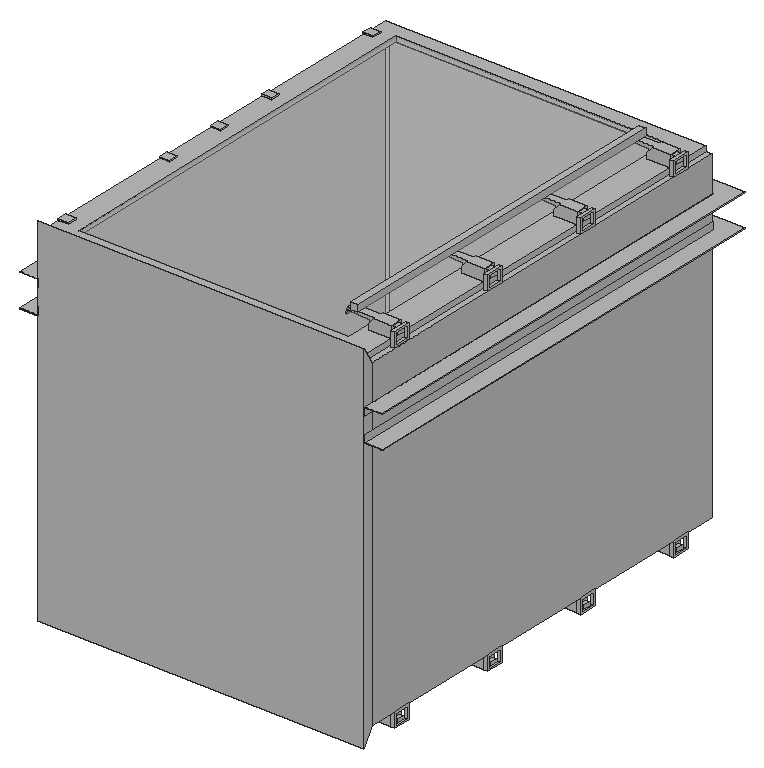
Revit family "Cleanroom_Pass-Through_TerraUni_Clean-Seam-Floor-mount", category Specialty Equipment, host Face, Revit 2026
Family settings
  Host = Face
  Round Connector Dimension = Use Diameter
  Part Type = Normal
  Classification Number = 23.40.70.11.11.11.11
  Enable Cutting in Views = No
  Cut with Voids When Loaded = No
  Maintain Annotation Orientation = No
  Shared = No
  Room Calculation Point = No
Parameters (values of type "36x36x48 Regular 304 SS")
  Warranty Duration (Years) = 0
  Wall Thickness [instance] = 0' - 3 1/2"
  Unit Width = 3' - 0"
  Unit Height = 4' - 0"
  Unit Depth = 3' - 0"
  URL = "http://www.terrauniversal.com/"
  Test Data = ""
  Standards Conformance = ""
  Specification = "http://www.arcat.com/sd/clients/terrauni.html?coid=43448"
  SpecWizard = ""
  Send Message = "http://www.arcat.com/users.pl?action=UserEmail&company=Terra Universal, Inc.&coid=43448&rep=147&fax=714-992-2179&mf="
  Sales Information = "http://www.terrauniversal.com/terra_universal_info/contact_terra.php"
  Revision = "R1_3_2012"
  Product Properties = ""
  Product Data = "http://www.arcat.com/arcatcos/cos43/arc43448.html?isac=1&r=2"
  Overall Width = Opening Width + 0' 3"  # 3' - 4"
  Overall Height = Opening Height + 0' 1 1/2"  # 4' - 2"
  Opening Width = Unit Width + 0' 1"  # 3' - 1"
  Opening Height = Unit Height + 0' 0 1/2"  # 4' - 0 1/2"
  Model_Rack System = "Not Applicable"
  Model = "2636-14C"
  Manufacturer Website = "http://www.terrauniversal.com/"
  Manufacturer Phone - Toll Free = ""
  Manufacturer Phone = "714-578-6017"
  Manufacturer Fax = "714-992-2179"
  Manufacturer Address = "800 S. Raymond Ave. Fullerton, CA 92381-5234"
  Manufacturer = "Terra Universal, Inc."
  Maintenance Schedule (Months) = 0
  Keynote = "13 20 00"
  Installation-Fabrication = ""
  Installation Phase = ""
  Include Sprinkler Module [instance] = yes
  Include Removable Steel Shelves [instance] = 0
  Include Rack System = yes
  Include HEPA Filter Blower Combo [instance] = yes
  Include Grounding Terminals [instance] = yes
  Include Fluorescent Illuminator [instance] = yes
  Include FirmLok Interlock [instance] = yes
  Include ULPA Air Shower = yes
  Green Building-LEED = ""
  Fixture Material = Metal - TerraUniversal - 304 SS
  Expected Lifespan (Years) = 0
  Drawn By = "Sumex Design, Inc. / Robert S. Weygant, CSI, CDT, SCIP"
  Door Style = NonFireRated-Door : Windowed Door 4 Handle
  Description = "Terra Universal 2636-14C CleanSeam Stainless Steel Pass-Through Chamber"
  Default Elevation = 4' - 0"
  Copyright = "©Arcat Inc."
  Construction Details = "http://www.arcat.com/details/terrauni/prod2976.html"
  Clean Room Inset [instance] = 0' - 4"
  Building Codes = ""
  Assembly Code = "E1020700"
Types (6): name | Unit Width | Unit Height | Unit Depth | Overall Width | Overall Height | Opening Width | Opening Height | Model | Fixture Material | Door Style | Description
  36x36x48 Regular 304 SS | 3' - 0" | 4' - 0" | 3' - 0" | 3' - 4" | 4' - 2" | 3' - 1" | 4' - 0 1/2" | "2636-14C" | Metal - TerraUniversal - 304 SS | NonFireRated-Door : Windowed Door 4 Handle | "Terra Universal 2636-14C CleanSeam Stainless Steel Pass-Through Chamber"
  36x36x36 Regular 304 SS | 3' - 0" | 3' - 0" | 3' - 0" | 3' - 4" | 3' - 2" | 3' - 1" | 3' - 0 1/2" | "2636-13C" | Metal - TerraUniversal - 304 SS | NonFireRated-Door : Windowed Door 3 Handle | "Terra Universal 2636-13C CleanSeam Stainless Steel Pass-Through Chamber"
  24x24x36 Regular 304 SS | 2' - 0" | 3' - 0" | 2' - 0" | 2' - 4" | 3' - 2" | 2' - 1" | 3' - 0 1/2" | "2636-12C" | Metal - TerraUniversal - 304 SS | NonFireRated-Door : Windowed Door 3 Handle | "Terra Universal 2636-12C CleanSeam Stainless Steel Pass-Through Chamber"
  36x36x48 Electropolished 304 SS | 3' - 0" | 4' - 0" | 3' - 0" | 3' - 4" | 4' - 2" | 3' - 1" | 4' - 0 1/2" | "2636-14C-2" | Metal - TerraUniversal - Electropolished 304 SS | NonFireRated-Door : Windowed Door 4 Handle | "Terra Universal 2636-14C-2 CleanSeam Stainless Steel Pass-Through Chamber"
  36x36x36 Electropolished 304 SS | 3' - 0" | 3' - 0" | 3' - 0" | 3' - 4" | 3' - 2" | 3' - 1" | 3' - 0 1/2" | "2636-13C-2" | Metal - TerraUniversal - Electropolished 304 SS | NonFireRated-Door : Windowed Door 3 Handle | "Terra Universal 2636-13C-2 CleanSeam Stainless Steel Pass-Through Chamber"
  24x24x36 Electropolished 304 SS | 2' - 0" | 3' - 0" | 2' - 0" | 2' - 4" | 3' - 2" | 2' - 1" | 3' - 0 1/2" | "2636-12C-2" | Metal - TerraUniversal - Electropolished 304 SS | NonFireRated-Door : Windowed Door 3 Handle | "Terra Universal 2636-12C-2 CleanSeam Stainless Steel Pass-Through Chamber"
Reference planes (in)
  plane 1 "Center (Front/Back)": y = 0
  plane 2: z = 0
  plane 3 "Center (Left/Right)": x = 0
  plane 4: y = 11
  plane 5: y = -36
  plane 6: x = -18
  plane 7: x = 18
  plane 8: z = 4
  plane 9: z = -3.5
  plane 10: z = -32
  plane 11: x = -18.5
  plane 12: y = 11.5
  plane 13: x = 18.5
  plane 14: x = -20
  plane 15: x = 20
  plane 16: y = 13
  plane 17: z = 3.5
  plane 18: z = -31.5
  plane 19: y = -37
Forms (in)
  Sweep 1, solid, material "Metal - TerraUniversal - 304 SS" <- "Fixture Material"
    path origin (0, 0, 0) x (1, 0, 0) y (0, 1, 0)
      loop
        line (-20, -37) -> (-20, 13) -> (20, 13) -> (20, -37)
    profile origin (0, 13, 0) x (0, 1, 0) y (0, 0, 1)
      loop
        line (-2, 0.0625) -> (-2, -0.8125) -> (-1.9375, -0.8125) -> (-1.9375, 0) -> (0, 0) -> (0, 0.0625) -> (-2, 0.0625)
  Sweep 2, solid, material "Metal - TerraUniversal - 304 SS" <- "Fixture Material"
    path origin (0, 0, -7) x (0, -1, 0) y (1, 0, 0)
      loop
        line (37, -20) -> (-13, -20) -> (-13, 20) -> (37, 20)
    profile origin (0, 13, -7) x (0, 1, 0) y (0, 0, 1)
      loop
        line (-2, 3.4375) -> (0, 3.4375) -> (0, 3.5) -> (-1.9375, 3.5) -> (-1.9375, 4.3125) -> (-2, 4.3125) -> (-2, 3.4375)
  Extrusion 3, void
    sketch origin (0, 0, 0) x (1, 0, 0) y (0, 1, 0)
      loop
        line (-18.5, 11.5) -> (-18.5, -37) -> (18.5, -37) -> (18.5, 11.5) -> (-18.5, 11.5)
    from -3.5 to 0
  Extrusion 4, solid, material "Metal - TerraUniversal - 304 SS" <- "Fixture Material"
    sketch origin (0, 0, 0) x (1, 0, 0) y (0, 1, 0)
      loop
        line (-18, 11) -> (-18, -36) -> (18, -36) -> (18, 11) -> (-18, 11)
      loop
        line (-17.5, -35.75) -> (17.5, -35.75)
        arc (17.5, -35.75) -> (17.67678, -35.67678) -> (17.75, -35.5) r 0.25
        line (17.75, -35.5) -> (17.75, 10.5)
        arc (17.75, 10.5) -> (17.67678, 10.67678) -> (17.5, 10.75) r 0.25
        line (17.5, 10.75) -> (-17.5, 10.75)
        arc (-17.5, 10.75) -> (-17.67678, 10.67678) -> (-17.75, 10.5) r 0.25
        line (-17.75, 10.5) -> (-17.75, -35.5)
        arc (-17.75, -35.5) -> (-17.67678, -35.67678) -> (-17.5, -35.75) r 0.25
    from -32 to 4
  Extrusion 5, solid, material "Metal - TerraUniversal - 304 SS" <- "Fixture Material"
    sketch origin (0, 0, 0) x (1, 0, 0) y (0, 1, 0)
      loop
        line (-18, 11) -> (-18, -36) -> (18, -36) -> (18, 11) -> (-18, 11)
      loop
        line (-17, -35) -> (17, -35) -> (17, 10) -> (-17, 10) -> (-17, -35)
    from 3.5 to 4
  Extrusion 6, solid, material "Metal - TerraUniversal - 304 SS" <- "Fixture Material"
    sketch origin (0, 0, -7) x (0, -1, 0) y (1, 0, 0)
      loop
        line (-11, -18) -> (36, -18) -> (36, 18) -> (-11, 18) -> (-11, -18)
      loop
        line (35, -17) -> (35, 17) -> (-10, 17) -> (-10, -17) -> (35, -17)
    from -25 to -24.5
  Extrusion 7, solid, material "Metal - TerraUniversal - 304 SS" <- "Fixture Material"
    sketch origin (0, 0, 0) x (0, 1, 0) y (0, 0, 1)
      loop
        line (-37, -33.75) -> (-36, -32) -> (-36, 4) -> (-37, 5.75) -> (-37, -33.75)
    from -18 to 18
Cuts and joins
  joined: Extrusion 4, Extrusion 5, Extrusion 6
Dimensions and locks (in)
  "Unit Height": plane 4 to plane 19
  equal spacing: plane 6, plane 3 "Center (Left/Right)", plane 7
  "Unit Width": plane 6 to plane 7
  "Wall Thickness": host face to plane 9
  equal spacing: plane 11, plane 3 "Center (Left/Right)", plane 13
  "Opening Width": plane 11 to plane 13
  Sweep 1 sketch curve to Sweep 1 sketch curve to Sweep 1 sketch curve = 0' - 0 1/16" locked, 0' - 0 13/16" locked
  locked: plane 4 to Sweep 1 sketch curve at 0.0625
  equal spacing: plane 14, plane 3 "Center (Left/Right)", plane 15
  "Overall Width": plane 14 to plane 15
  Sweep 2 sketch curve to Sweep 2 sketch curve to Sweep 2 sketch curve = 0' - 0 13/16" locked, 0' - 0 1/16" locked
  locked: plane 4 to Sweep 2 sketch curve at 0.0625
  "Unit Depth": plane 8 to plane 10
  "Clean Room Inset": plane 8 to level
  locked: plane 6 to Extrusion 4 sketch curve at 0.25
  locked: Extrusion 4 sketch curve to plane 7 at 0.25
  locked: plane 4 to Extrusion 4 sketch curve at 0.25
  locked: plane 5 to Extrusion 4 sketch curve at 0.25
  locked: plane 8 to plane 17 at 0.5
  locked: plane 18 to plane 10 at 0.5
  locked: plane 6 to Extrusion 5 sketch curve at 1
  locked: plane 5 to Extrusion 5 sketch curve at 1
  locked: plane 4 to Extrusion 5 sketch curve at 1
  locked: Extrusion 5 sketch curve to plane 7 at 1
  locked: plane 4 to Extrusion 6 sketch curve at 1
  locked: plane 5 to Extrusion 6 sketch curve at 1
  locked: Extrusion 6 sketch curve to plane 7 at 1
  locked: plane 6 to Extrusion 6 sketch curve at 1
  locked: plane 5 to plane 19 at 1
  locked: Extrusion 7 sketch curve to plane 8 at 1.75
  locked: plane 10 to Extrusion 7 sketch curve at 1.75
  "Opening Height": plane 12 to plane 19
  "Overall Height": plane 16 to plane 19
  aligned and locked: plane 2 to host face
  aligned and locked: level to host face
  aligned and locked: Sweep 1 sketch curve to plane 4
  aligned and locked: profile plane to Sweep 1 sketch curve
  aligned and locked: Sweep 1 sketch curve to plane 16
  aligned and locked: Sweep 1 sketch curve to plane 15
  aligned and locked: Sweep 1 sketch curve to plane 14
  aligned and locked: Sweep 2 sketch curve to plane 16
  aligned and locked: Sweep 2 sketch curve to plane 15
  aligned and locked: Sweep 2 sketch curve to plane 14
  aligned and locked: plane 16 to Sweep 2 sketch curve
  aligned and locked: plane 4 to Sweep 2 sketch curve
  aligned and locked: plane 9 to Sweep 2 sketch curve
  aligned and locked: Extrusion 3 sketch curve to plane 13
  aligned and locked: Extrusion 3 sketch curve to plane 12
  aligned and locked: Extrusion 3 sketch curve to plane 11
  aligned and locked: Extrusion 3 to plane 9
  aligned and locked: level to Extrusion 3
  aligned and locked: Extrusion 4 sketch curve to plane 6
  aligned and locked: Extrusion 4 sketch curve to plane 4
  aligned and locked: Extrusion 4 sketch curve to plane 7
  aligned and locked: plane 5 to Extrusion 4 sketch curve
  aligned and locked: plane 8 to Extrusion 4
  aligned and locked: Extrusion 4 to plane 10
  aligned and locked: Extrusion 5 sketch curve to plane 4
  aligned and locked: Extrusion 5 sketch curve to plane 7
  aligned and locked: plane 5 to Extrusion 5 sketch curve
  aligned and locked: Extrusion 5 sketch curve to plane 6
  aligned and locked: Extrusion 5 to plane 8
  aligned and locked: Extrusion 5 to plane 17
  aligned and locked: Extrusion 6 to plane 10
  aligned and locked: Extrusion 6 to plane 18
  aligned and locked: Extrusion 6 sketch curve to plane 6
  aligned and locked: Extrusion 6 sketch curve to plane 4
  aligned and locked: Extrusion 6 sketch curve to plane 7
  aligned and locked: plane 5 to Extrusion 6 sketch curve
  aligned and locked: nested 1 to plane 6
  aligned and locked: nested 1 to plane 8
  aligned and locked: nested 2 to plane 6
  aligned and locked: plane 10 to nested 2
  aligned and locked: plane 8 to Extrusion 7 sketch curve
  aligned and locked: Extrusion 7 sketch curve to plane 5
  aligned and locked: plane 19 to Extrusion 7 sketch curve
  aligned and locked: plane 10 to Extrusion 7 sketch curve
  aligned and locked: Extrusion 7 to plane 7
  aligned and locked: plane 6 to Extrusion 7
  aligned and locked: nested 1 to plane 4
  aligned and locked: nested 2 to plane 4
  aligned and locked: plane 19 to Sweep 1 sketch curve  (x2)
  aligned and locked: plane 19 to Sweep 2 sketch curve  (x2)
  aligned and locked: Extrusion 3 to plane 19
Automatic sketch dimensions
  host sketch curve to host sketch curve = 8' - 0"  (x2)
  Sweep 1 sketch curve to level = 0' - 0"
  Extrusion 3 sketch curve to plane 5 = 0' - 1"
  Extrusion 4 sketch curve to Extrusion 4 sketch curve = 0' - 0 1/4"  (x3)
  Extrusion 4 sketch curve to plane 7 = 0' - 0 1/2"
Nested families (in)
  nested 1: "NonFireRated-Door" at (0, -12.55, 4), type <- "Door Style", Width <- "Unit Width", Height <- "Unit Height", Door Material <- "Fixture Material", type "Windowed Door 4 Handle"
    with built-in parameter 1001301 3' - 0", Int Width 2' - 8 1/32", Int Height 4' - 0 89/128", built-in parameter 1001300 4' - 0", Hardware Finish Metal - TerraUniversal - 304 SS, Glass Type Plastic - TerraUniversal - Dissipative PVC, Door Material Metal - TerraUniversal - 304 SS
  nested 2: "NonFireRated-Door" at (0, -12.55, -32) x (1, 0, 0) z (0, 0, -1), type <- "Door Style", Width <- "Unit Width", Height <- "Unit Height", Door Material <- "Fixture Material", type "Windowed Door 4 Handle"
    with built-in parameter 1001301 3' - 0", Int Width 2' - 8 1/32", Int Height 4' - 0 89/128", built-in parameter 1001300 4' - 0", Hardware Finish Metal - TerraUniversal - 304 SS, Glass Type Plastic - TerraUniversal - Dissipative PVC, Door Material Metal - TerraUniversal - 304 SS
Definition of nested family "NonFireRated-Door"
  Parameters
    Windowed = yes
    Width [instance] = 2' - 0"
    Solid = no
    Hinge 5 = yes
    Hinge 4 = yes
    Hinge 3 = yes
    Hinge 2 = yes
    Hinge 1 = yes
    Handle 5 = yes
    Handle 4 = yes
    Handle 3 = no
    Handle 2 = yes
    Handle 1 = yes
    Int Width [instance] = 2' - 8 1/32"
    Int Height [instance] = 4' - 0 89/128"
    Height [instance] = 2' - 0"
    Hardware Finish [instance] = none
    Glass Type [instance] = none
    Full Height Handle = yes
    Door Material [instance] = none
    Default Elevation = 4' - 0"
    Assembly Code = ""
  Reference planes (in)
    plane 1 "Center (Front/Back)": y = 0
    plane 2: z = 0
    plane 3 "Center (Left/Right)": x = 0
    plane 4: x = 12
    plane 5: y = 11.55
    plane 6: y = -11.55
    plane 7: x = 11.375
    plane 8: x = -12
    plane 9: x = -23.72125
    plane 10: x = 8.31
    plane 11: z = 0.5625
    plane 12: z = 0.375
    plane 13: z = 0.1875
    plane 14: y = 0.375
    plane 15: y = 0.625
    plane 16: y = -0.375
    plane 17: y = -0.625
    plane 18: x = 11.625
    plane 19: y = 7.625
    plane 20: y = 7.875
    plane 21: y = 6.875
    plane 22: y = 6.625
    plane 23: y = -7.625
    plane 24: y = -7.875
    plane 25: y = -6.875
    plane 26: y = -6.625
    plane 27: z = 24
    plane 28: y = -2.79167
    plane 29: y = -3.04167
    plane 30: y = -2.04167
    plane 31: y = -1.79167
    plane 32: y = 2.04167
    plane 33: y = 1.79167
    plane 34: y = 2.79167
    plane 35: y = 3.04167
    plane 36: y = 9.55
    plane 37: y = 8.55
    plane 38: y = 2.51667
    plane 39: y = 3.51667
    plane 40: y = 0.5
    plane 41: y = -0.5
    plane 42: y = -2.51667
    plane 43: y = -3.51667
    plane 44: y = -8.55
    plane 45: y = -9.55
    plane 46: y = 12
    plane 47: y = -12
  Forms (in)
    Extrusion 1, solid, material <- "Door Material", visible <- "Solid"
      sketch origin (0, 0, 0) x (1, 0, 0) y (0, 1, 0)
        loop
          line (-12, 11.55) -> (-12, -11.55) -> (11.375, -11.55) -> (11.375, 11.55) -> (-12, 11.55)
      from 0 to 0.5625
    Extrusion 2, solid, material <- "Door Material", visible <- "Windowed"
      sketch origin (0, 0, 0) x (1, 0, 0) y (0, 1, 0)
        loop
          line (-12, 11.55) -> (-12, -11.55) -> (11.375, -11.55) -> (11.375, 11.55) -> (-12, 11.55)
        loop
          line (-9.6, -9.9) -> (8.31, -9.9) -> (8.31, 9.9) -> (-9.6, 9.9) -> (-9.6, -9.9)
      from 0 to 0.5625
    Extrusion 3, solid, material <- "Glass Type"
      sketch origin (0, 0, 0) x (1, 0, 0) y (0, 1, 0)
        loop
          line (-10.19922, 10.55) -> (-10.19922, -10.55) -> (8.625, -10.55) -> (8.625, 10.55) -> (-10.19922, 10.55)
      from 0.1875 to 0.375
    Extrusion 4, solid, material <- "Hardware Finish", visible <- "Handle 3"
      sketch origin (0, 0, 0) x (1, 0, 0) y (0, 0, 1)
        loop
          line (11.375, 0.5625) -> (11.375, 1.8425) -> (9.875, 1.8425) -> (9.3125, 1.1325) -> (9.3125, 0.5625) -> (11.375, 0.5625)
      from -0.625 to 0.625
    Extrusion 5, solid, material <- "Hardware Finish", visible <- "Handle 3"
      sketch origin (0, 0, 0) x (1, 0, 0) y (0, 0, 1)
        loop
          line (11.375, 1.8425) -> (6.335, 1.8425) -> (6.07848, 1.13773) -> (6.19595, 1.09498) -> (6.35814, 1.5406) -> (8.8025, 1.4125) -> (8.8025, 0.5625) -> (11.375, 0.5625) -> (11.375, 1.8425)
      from -0.375 to 0.375
    Extrusion 6, solid, material <- "Hardware Finish", visible <- "Handle 3"
      sketch origin (0, 0, 0) x (1, 0, 0) y (0, 0, 1)
        loop
          line (11.375, 1.8425) -> (11.375, 0.97461) -> (11.89457, 0.97461) -> (11.89457, 1.35619) -> (11.64457, 1.35619) -> (11.375, 1.8425)
      from -0.375 to 0.375
    Extrusion 7, solid, material <- "Hardware Finish", visible <- "Handle 1"
      sketch origin (0, 23.5, 0) x (1, 0, 0) y (0, 0, 1)
        loop
          line (11.375, 0.5625) -> (11.375, 1.8425) -> (9.365, 1.8425) -> (8.8025, 1.1325) -> (8.8025, 0.5625) -> (11.375, 0.5625)
      from 15.625 to 16.875
    Extrusion 8, solid, material <- "Hardware Finish", visible <- "Handle 1"
      sketch origin (0, 23.5, 0) x (1, 0, 0) y (0, 0, 1)
        loop
          line (11.375, 1.8425) -> (6.335, 1.8425) -> (6.07848, 1.13773) -> (6.19595, 1.09498) -> (6.35814, 1.5406) -> (8.8025, 1.4125) -> (8.8025, 0.5625) -> (11.375, 0.5625) -> (11.375, 1.8425)
      from 15.875 to 16.625
    Extrusion 9, solid, material <- "Hardware Finish", visible <- "Handle 1"
      sketch origin (0, 23.5, 0) x (0, 1, 0) y (0, 0, 1)
        loop
          line (-17.25, 1.6091) -> (-17.25, 0) -> (-15.25, 0) -> (-15.25, 1.6091) -> (-17.25, 1.6091)
        loop
          line (-17.125, 1.4841) -> (-17.125, 0.1875) -> (-15.375, 0.1875) -> (-15.375, 1.4841) -> (-17.125, 1.4841)
      from 11.625 to 12
    Extrusion 10, solid, material <- "Hardware Finish", visible <- "Handle 1"
      sketch origin (0, 23.5, 0) x (1, 0, 0) y (0, 0, 1)
        loop
          line (11.375, 1.8425) -> (11.375, 0.97461) -> (11.89457, 0.97461) -> (11.89457, 1.35619) -> (11.64457, 1.35619) -> (11.375, 1.8425)
      from 15.875 to 16.625
    Extrusion 11, solid, material <- "Hardware Finish", visible <- "Handle 5"
      sketch origin (0, -23.5, 0) x (1, 0, 0) y (0, 0, -1)
        loop
          line (11.375, -0.5625) -> (8.8025, -0.5625) -> (8.8025, -1.1325) -> (9.365, -1.8425) -> (11.375, -1.8425) -> (11.375, -0.5625)
      from 15.625 to 16.875
    Extrusion 12, solid, material <- "Hardware Finish", visible <- "Handle 5"
      sketch origin (0, -23.5, 0) x (1, 0, 0) y (0, 0, -1)
        loop
          line (11.375, -1.8425) -> (11.375, -0.5625) -> (8.8025, -0.5625) -> (8.8025, -1.4125) -> (6.35814, -1.5406) -> (6.19595, -1.09498) -> (6.07848, -1.13773) -> (6.335, -1.8425) -> (11.375, -1.8425)
      from 15.875 to 16.625
    Extrusion 13, solid, material <- "Hardware Finish", visible <- "Handle 5"
      sketch origin (0, -23.5, 0) x (1, 0, 0) y (0, 0, -1)
        loop
          line (11.375, -1.8425) -> (11.64457, -1.35619) -> (11.89457, -1.35619) -> (11.89457, -0.97461) -> (11.375, -0.97461) -> (11.375, -1.8425)
      from 15.875 to 16.625
    Extrusion 14, solid, material <- "Hardware Finish", visible <- "Full Height Handle"
      sketch origin (0, 0, 0) x (1, 0, 0) y (0, 0, 1)
        loop
          line (6.845, 1.8425) -> (7.595, 1.8425) -> (7.595, 2.5925) -> (6.845, 2.5925) -> (6.845, 1.8425)
      from -7.875 to 7.875
    Extrusion 15, solid, material <- "Hardware Finish", visible <- "Handle 4"
      sketch origin (0, -20, 0) x (1, 0, 0) y (0, 0, -1)
        loop
          line (11.375, -0.5625) -> (8.8025, -0.5625) -> (8.8025, -1.1325) -> (9.365, -1.8425) -> (11.375, -1.8425) -> (11.375, -0.5625)
      from 16.95833 to 18.20833
    Extrusion 16, solid, material <- "Hardware Finish", visible <- "Handle 4"
      sketch origin (0, -20, 0) x (1, 0, 0) y (0, 0, -1)
        loop
          line (11.375, -1.8425) -> (11.375, -0.5625) -> (8.8025, -0.5625) -> (8.8025, -1.4125) -> (6.35814, -1.5406) -> (6.19595, -1.09498) -> (6.07848, -1.13773) -> (6.335, -1.8425) -> (11.375, -1.8425)
      from 17.20833 to 17.95833
    Extrusion 17, solid, material <- "Hardware Finish", visible <- "Handle 4"
      sketch origin (0, -20, 0) x (1, 0, 0) y (0, 0, -1)
        loop
          line (11.375, -1.8425) -> (11.64457, -1.35619) -> (11.89457, -1.35619) -> (11.89457, -0.97461) -> (11.375, -0.97461) -> (11.375, -1.8425)
      from 17.20833 to 17.95833
    Extrusion 18, solid, material <- "Hardware Finish", visible <- "Handle 2"
      sketch origin (0, -12.5, 0) x (1, 0, 0) y (0, 0, -1)
        loop
          line (11.375, -0.5625) -> (8.8025, -0.5625) -> (8.8025, -1.1325) -> (9.365, -1.8425) -> (11.375, -1.8425) -> (11.375, -0.5625)
      from 14.29167 to 15.54167
    Extrusion 19, solid, material <- "Hardware Finish", visible <- "Handle 2"
      sketch origin (0, -12.5, 0) x (1, 0, 0) y (0, 0, -1)
        loop
          line (11.375, -1.8425) -> (11.375, -0.5625) -> (8.8025, -0.5625) -> (8.8025, -1.4125) -> (6.35814, -1.5406) -> (6.19595, -1.09498) -> (6.07848, -1.13773) -> (6.335, -1.8425) -> (11.375, -1.8425)
      from 14.54167 to 15.29167
    Extrusion 20, solid, material <- "Hardware Finish", visible <- "Handle 2"
      sketch origin (0, -12.5, 0) x (1, 0, 0) y (0, 0, -1)
        loop
          line (11.375, -1.8425) -> (11.64457, -1.35619) -> (11.89457, -1.35619) -> (11.89457, -0.97461) -> (11.375, -0.97461) -> (11.375, -1.8425)
      from 14.54167 to 15.29167
    Extrusion 21, solid, material <- "Hardware Finish", visible <- "Hinge 1"
      sketch origin (0, 0, 0) x (1, 0, 0) y (0, 0, 1)
        loop
          line (-12, 0.5625) -> (-11, 0.5625) -> (-11, 0.6875) -> (-12.125, 0.6875) -> (-12.125, 0)
          arc (-12.125, 0) -> (-12.3125, -0.1875) -> (-12.125, -0.375) r 0.1875
          line (-12.125, -0.375) -> (-12.125, -1.125) -> (-12, -1.125) -> (-12, 0.5625)
      from -9.55 to -8.55
    Extrusion 22, solid, material <- "Hardware Finish", visible <- "Hinge 2"
      sketch origin (0, 0, 0) x (1, 0, 0) y (0, 0, 1)
        loop
          line (-12, 0.5625) -> (-11, 0.5625) -> (-11, 0.6875) -> (-12.125, 0.6875) -> (-12.125, 0)
          arc (-12.125, 0) -> (-12.3125, -0.1875) -> (-12.125, -0.375) r 0.1875
          line (-12.125, -0.375) -> (-12.125, -1.125) -> (-12, -1.125) -> (-12, 0.5625)
      from -3.51667 to -2.51667
    Extrusion 23, solid, material <- "Hardware Finish", visible <- "Hinge 3"
      sketch origin (0, 0, 0) x (1, 0, 0) y (0, 0, 1)
        loop
          line (-12, 0.5625) -> (-11, 0.5625) -> (-11, 0.6875) -> (-12.125, 0.6875) -> (-12.125, 0)
          arc (-12.125, 0) -> (-12.3125, -0.1875) -> (-12.125, -0.375) r 0.1875
          line (-12.125, -0.375) -> (-12.125, -1.125) -> (-12, -1.125) -> (-12, 0.5625)
      from -0.5 to 0.5
    Extrusion 24, solid, material <- "Hardware Finish", visible <- "Hinge 4"
      sketch origin (0, 0, 0) x (1, 0, 0) y (0, 0, 1)
        loop
          line (-12, 0.5625) -> (-11, 0.5625) -> (-11, 0.6875) -> (-12.125, 0.6875) -> (-12.125, 0)
          arc (-12.125, 0) -> (-12.3125, -0.1875) -> (-12.125, -0.375) r 0.1875
          line (-12.125, -0.375) -> (-12.125, -1.125) -> (-12, -1.125) -> (-12, 0.5625)
      from 2.51667 to 3.51667
    Extrusion 25, solid, material <- "Hardware Finish", visible <- "Hinge 5"
      sketch origin (0, 0, 0) x (1, 0, 0) y (0, 0, 1)
        loop
          line (-12, 0.5625) -> (-11, 0.5625) -> (-11, 0.6875) -> (-12.125, 0.6875) -> (-12.125, 0)
          arc (-12.125, 0) -> (-12.3125, -0.1875) -> (-12.125, -0.375) r 0.1875
          line (-12.125, -0.375) -> (-12.125, -1.125) -> (-12, -1.125) -> (-12, 0.5625)
      from 8.55 to 9.55
    Extrusion 26, solid, material <- "Hardware Finish", visible <- "Handle 2"
      sketch origin (0, 18.7, 0) x (0, 1, 0) y (0, 0, 1)
        loop
          line (-17.28333, 1.6091) -> (-17.28333, 0) -> (-15.28333, 0) -> (-15.28333, 1.6091) -> (-17.28333, 1.6091)
        loop
          line (-17.15833, 1.4841) -> (-17.15833, 0.1875) -> (-15.40833, 0.1875) -> (-15.40833, 1.4841) -> (-17.15833, 1.4841)
      from 11.625 to 12
    Extrusion 27, solid, material <- "Hardware Finish", visible <- "Handle 3"
      sketch origin (0, 16.3, 0) x (0, 1, 0) y (0, 0, 1)
        loop
          line (-17.3, 1.6091) -> (-17.3, 0) -> (-15.3, 0) -> (-15.3, 1.6091) -> (-17.3, 1.6091)
        loop
          line (-17.175, 1.4841) -> (-17.175, 0.1875) -> (-15.425, 0.1875) -> (-15.425, 1.4841) -> (-17.175, 1.4841)
      from 11.625 to 12
    Extrusion 28, solid, material <- "Hardware Finish", visible <- "Handle 4"
      sketch origin (0, 13.9, 0) x (0, 1, 0) y (0, 0, 1)
        loop
          line (-17.31667, 1.6091) -> (-17.31667, 0) -> (-15.31667, 0) -> (-15.31667, 1.6091) -> (-17.31667, 1.6091)
        loop
          line (-17.19167, 1.4841) -> (-17.19167, 0.1875) -> (-15.44167, 0.1875) -> (-15.44167, 1.4841) -> (-17.19167, 1.4841)
      from 11.625 to 12
    Extrusion 29, solid, material <- "Hardware Finish", visible <- "Handle 5"
      sketch origin (0, 9.1, 0) x (0, 1, 0) y (0, 0, 1)
        loop
          line (-17.35, 1.6091) -> (-17.35, 0) -> (-15.35, 0) -> (-15.35, 1.6091) -> (-17.35, 1.6091)
        loop
          line (-17.225, 1.4841) -> (-17.225, 0.1875) -> (-15.475, 0.1875) -> (-15.475, 1.4841) -> (-17.225, 1.4841)
      from 11.625 to 12
  Cuts and joins
    joined: Extrusion 4, Extrusion 5
    joined: Extrusion 11, Extrusion 12
    joined: Extrusion 7, Extrusion 8, Extrusion 9
    joined: Extrusion 15, Extrusion 16
    joined: Extrusion 18, Extrusion 19
  Lines and regions (in)
    symbolic lines
      curve 1: line (11.375, 11.55, 0.5625) -> (-12, 0, 0.5625)
      curve 2: line (-12, 0, 0.5625) -> (11.375, -11.55, 0.5625)
      curve 3: arc (12, 0, 0) -> (4.97056, 0, 16.97056) -> (-12, 0, 24) r 24
      curve 4: line (-12, 0, 24) -> (-12, 0, 0)
      curve 5: line (0, -11.55, 0.5625) -> (0, -11.55, 24)
      curve 6: line (0, -11.55, 24) -> (0, 11.55, 24)
      curve 7: line (0, 11.55, 24) -> (0, 11.55, 0.5625)
  Dimensions and locks (in)
    locked: plane 7 to plane 4 at 0.625
    locked: plane 10 to plane 4 at 3.69
    locked: plane 11 to level at 0.5625
    locked: Extrusion 2 sketch curve to plane 6 at 1.65
    Extrusion 2 sketch curve to plane 7 = 0' - 3.065"
    locked: plane 5 to Extrusion 2 sketch curve at 1.65
    locked: plane 8 to Extrusion 2 sketch curve at 2.4
    locked: Extrusion 3 sketch curve to plane 5 at 1
    locked: Extrusion 3 sketch curve to plane 7 at 2.75
    locked: plane 8 to Extrusion 3 sketch curve at 1.80078
    locked: Extrusion 3 sketch curve to plane 6 at 1
    locked: plane 11 to plane 12 at 0.1875
    locked: plane 12 to plane 13 at 0.1875
    plane 15 to plane 14 to plane 1 "Center (Front/Back)" to plane 16 to plane 17 = 0' - 0 1/4" locked, 0' - 0 3/8" locked, 0' - 0 3/8" locked, 0' - 0 1/4" locked
    locked: plane 7 to Extrusion 4 sketch curve at 2.0625
    locked: plane 7 to Extrusion 4 sketch curve at 1.5
    Extrusion 4 sketch curve to Extrusion 4 sketch curve to plane 11 = 0' - 0.71" locked, 0' - 0.57" locked
    locked: plane 7 to plane 18 at 0.25
    Extrusion 6 sketch curve to Extrusion 6 sketch curve to plane 7 = 0' - 0 1/4" locked, 0' - 0.26957" locked
    Extrusion 6 sketch curve to Extrusion 6 sketch curve to plane 11 = 0' - 0.38158" locked, 0' - 0.41211" locked
    locked: Extrusion 7 sketch curve to Extrusion 7 sketch curve at 0.71
    locked: Extrusion 9 sketch curve to Extrusion 9 sketch curve at 0.125
    locked: Extrusion 9 sketch curve to Extrusion 9 sketch curve at 1.2966
    locked: Extrusion 10 sketch curve to Extrusion 10 sketch curve at 0.25
    locked: Extrusion 10 sketch curve to Extrusion 10 sketch curve at 0.38158
    plane 20 to plane 19 to plane 21 to plane 22 = 0' - 0 1/4" locked, 0' - 0 3/4" locked, 0' - 0 1/4" locked
    locked: plane 5 to plane 20 at 3.675
    locked: Extrusion 11 sketch curve to Extrusion 11 sketch curve at 0.71
    locked: Extrusion 13 sketch curve to Extrusion 13 sketch curve at 0.25
    locked: Extrusion 13 sketch curve to Extrusion 13 sketch curve at 0.38158
    plane 24 to plane 23 to plane 25 to plane 26 = 0' - 0 1/4" locked, 0' - 0 3/4" locked, 0' - 0 1/4" locked
    locked: plane 24 to plane 6 at 3.675
    plane 7 to Extrusion 14 sketch curve to Extrusion 14 sketch curve = 0' - 3.78" locked, 0' - 0 3/4" locked
    "Width": plane 27 to level
    locked: Extrusion 15 sketch curve to Extrusion 15 sketch curve at 0.71
    locked: Extrusion 17 sketch curve to Extrusion 17 sketch curve at 0.25
    locked: Extrusion 17 sketch curve to Extrusion 17 sketch curve at 0.38158
    plane 29 to plane 28 to plane 30 to plane 31 = 0' - 0 1/4" locked, 0' - 0 3/4" locked, 0' - 0 1/4" locked
    locked: Extrusion 18 sketch curve to Extrusion 18 sketch curve at 0.71
    locked: Extrusion 20 sketch curve to Extrusion 20 sketch curve at 0.25
    locked: Extrusion 20 sketch curve to Extrusion 20 sketch curve at 0.38158
    plane 33 to plane 32 to plane 34 to plane 35 = 0' - 0 1/4" locked, 0' - 0 3/4" locked, 0' - 0 1/4" locked
    equal spacing: plane 20, plane 35, plane 31, plane 26
    locked: Extrusion 21 sketch curve to plane 11 at 0.125
    locked: plane 11 to Extrusion 21 sketch curve at 1.6875
    locked: plane 11 to Extrusion 21 sketch curve at 0.75
    locked: Extrusion 21 sketch curve to plane 8 at 0.125
    locked: plane 8 to Extrusion 21 sketch curve at 0.125
    locked: Extrusion 21 sketch curve to plane 8 at 1
    locked: plane 5 to plane 36 at 2
    locked: plane 36 to plane 37 at 1
    plane 40 to plane 1 "Center (Front/Back)" to plane 41 = 0' - 0 1/2" locked, 0' - 0 1/2" locked
    locked: plane 39 to plane 38 at 1
    locked: plane 42 to plane 43 at 1
    locked: plane 45 to plane 6 at 2
    locked: plane 44 to plane 45 at 1
    equal spacing: plane 36, plane 39, plane 42, plane 44
    "Width": plane 8 to plane 4
    equal spacing: plane 8, plane 3 "Center (Left/Right)", plane 4
    locked: plane 46 to plane 5 at 0.45
    locked: plane 6 to plane 47 at 0.45
    equal spacing: plane 46, plane 1 "Center (Front/Back)", plane 47
    "Height": plane 46 to plane 47
    Extrusion 9 sketch curve to Extrusion 9 sketch curve to plane 22 = 0' - 0 1/8" locked, 0' - 0 1/4" locked
    plane 20 to Extrusion 9 sketch curve to Extrusion 9 sketch curve = 0' - 0 1/4" locked, 0' - 0 1/8" locked
    locked: Extrusion 26 sketch curve to Extrusion 26 sketch curve at 0.125
    locked: Extrusion 26 sketch curve to Extrusion 26 sketch curve at 1.2966
    locked: Extrusion 27 sketch curve to Extrusion 27 sketch curve at 0.125
    locked: Extrusion 27 sketch curve to Extrusion 27 sketch curve at 1.2966
    locked: Extrusion 28 sketch curve to Extrusion 28 sketch curve at 0.125
    locked: Extrusion 28 sketch curve to Extrusion 28 sketch curve at 1.2966
    locked: Extrusion 29 sketch curve to Extrusion 29 sketch curve at 0.125
    locked: Extrusion 29 sketch curve to Extrusion 29 sketch curve at 1.2966
    Extrusion 26 sketch curve to Extrusion 26 sketch curve to plane 33 = 0' - 0 1/8" locked, 0' - 0 1/4" locked
    plane 35 to Extrusion 26 sketch curve to Extrusion 26 sketch curve = 0' - 0 1/4" locked, 0' - 0 1/8" locked
    Extrusion 27 sketch curve to Extrusion 27 sketch curve to plane 17 = 0' - 0 1/8" locked, 0' - 0 1/4" locked
    plane 15 to Extrusion 27 sketch curve to Extrusion 27 sketch curve = 0' - 0 1/4" locked, 0' - 0 1/8" locked
    Extrusion 28 sketch curve to Extrusion 28 sketch curve to plane 29 = 0' - 0 1/8" locked, 0' - 0 1/4" locked
    plane 31 to Extrusion 28 sketch curve to Extrusion 28 sketch curve = 0' - 0 1/4" locked, 0' - 0 1/8" locked
    Extrusion 29 sketch curve to Extrusion 29 sketch curve to plane 24 = 0' - 0 1/8" locked, 0' - 0 1/4" locked
    plane 26 to Extrusion 29 sketch curve to Extrusion 29 sketch curve = 0' - 0 1/4" locked, 0' - 0 1/8" locked
    aligned and locked: plane 6 to Extrusion 1 sketch curve
    aligned and locked: Extrusion 1 sketch curve to plane 7
    aligned and locked: Extrusion 1 sketch curve to plane 5
    aligned and locked: plane 8 to Extrusion 1 sketch curve
    aligned and locked: plane 11 to Extrusion 1
    aligned and locked: Extrusion 1 to level
    aligned and locked: plane 8 to Extrusion 2 sketch curve
    aligned and locked: Extrusion 2 sketch curve to plane 5
    aligned and locked: Extrusion 2 sketch curve to plane 7
    aligned and locked: plane 6 to Extrusion 2 sketch curve
    aligned and locked: Extrusion 2 to level
    aligned and locked: plane 11 to Extrusion 2
    aligned and locked: plane 12 to Extrusion 3
    aligned and locked: plane 13 to Extrusion 3
    aligned and locked: plane 7 to Extrusion 4 sketch curve
    aligned and locked: plane 11 to Extrusion 4 sketch curve
    aligned and locked: plane 15 to Extrusion 4
    aligned and locked: Extrusion 4 to plane 17
    aligned and locked: plane 7 to Extrusion 5 sketch curve
    aligned and locked: Extrusion 5 sketch curve to plane 11
    aligned and locked: plane 14 to Extrusion 5
    aligned and locked: Extrusion 5 to plane 16
    aligned and locked: plane 7 to Extrusion 6 sketch curve
    aligned and locked: plane 14 to Extrusion 6
    aligned and locked: Extrusion 6 to plane 16
    aligned and locked: curve 2 to Extrusion 1
    aligned and locked: plane 6 to curve 2
    aligned and locked: plane 1 "Center (Front/Back)" to curve 2
    aligned and locked: plane 8 to curve 1
    aligned and locked: plane 5 to curve 1
    aligned and locked: plane 7 to curve 1
    aligned and locked: plane 20 to Extrusion 7
    aligned and locked: Extrusion 7 to plane 22
    aligned and locked: plane 19 to Extrusion 8
    aligned and locked: Extrusion 8 to plane 21
    aligned and locked: plane 19 to Extrusion 10
    aligned and locked: Extrusion 10 to plane 21
    aligned and locked: plane 24 to Extrusion 11
    aligned and locked: Extrusion 11 to plane 26
    aligned and locked: plane 23 to Extrusion 12
    aligned and locked: Extrusion 12 to plane 25
    aligned and locked: plane 23 to Extrusion 13
    aligned and locked: Extrusion 13 to plane 25
    aligned and locked: Extrusion 9 to plane 18
    aligned and locked: plane 4 to Extrusion 9
    aligned and locked: Extrusion 14 to plane 24
    aligned and locked: plane 20 to Extrusion 14
    aligned and locked: level to curve 4
    aligned and locked: plane 27 to curve 4
    aligned and locked: plane 4 to curve 3
    aligned and locked: plane 29 to Extrusion 15
    aligned and locked: Extrusion 15 to plane 31
    aligned and locked: plane 28 to Extrusion 16
    aligned and locked: Extrusion 16 to plane 30
    aligned and locked: plane 28 to Extrusion 17
    aligned and locked: Extrusion 17 to plane 30
    aligned and locked: plane 33 to Extrusion 18
    aligned and locked: Extrusion 18 to plane 35
    aligned and locked: plane 32 to Extrusion 19
    aligned and locked: Extrusion 19 to plane 34
    aligned and locked: plane 32 to Extrusion 20
    aligned and locked: Extrusion 20 to plane 34
    aligned and locked: Extrusion 21 sketch curve to plane 11
    aligned and locked: plane 8 to Extrusion 21 sketch curve
    aligned and locked: plane 36 to Extrusion 21
    aligned and locked: Extrusion 21 to plane 37
    aligned and locked: Extrusion 22 to plane 38
    aligned and locked: plane 39 to Extrusion 22
    aligned and locked: Extrusion 23 to plane 41
    aligned and locked: plane 40 to Extrusion 23
    aligned and locked: Extrusion 24 to plane 43
    aligned and locked: plane 42 to Extrusion 24
    aligned and locked: Extrusion 25 to plane 45
    aligned and locked: plane 44 to Extrusion 25
    aligned and locked: Extrusion 9 sketch curve to level
    aligned and locked: plane 4 to Extrusion 26
    aligned and locked: Extrusion 26 to plane 18
    aligned and locked: plane 4 to Extrusion 27
    aligned and locked: Extrusion 27 to plane 18
    aligned and locked: plane 4 to Extrusion 28
    aligned and locked: Extrusion 28 to plane 18
    aligned and locked: plane 4 to Extrusion 29
    aligned and locked: plane 18 to Extrusion 29
    aligned and locked: plane 10 to Extrusion 2 sketch curve
    aligned and locked: curve 7 to plane 5
    aligned and locked: curve 6 to plane 27
    aligned and locked: plane 6 to curve 5
  Automatic sketch dimensions
    curve 4 to plane 8 = 0' - 0"
    plane 10 to Extrusion 5 sketch curve = 0' - 0.4925"
    Extrusion 5 sketch curve to plane 10 = 0' - 1.95186"
    Extrusion 5 sketch curve to Extrusion 5 sketch curve = 0' - 0.02314"
    plane 11 to Extrusion 5 sketch curve = 0' - 0.53248"
    Extrusion 5 sketch curve to Extrusion 5 sketch curve = 0' - 0.16219"
    level to Extrusion 5 sketch curve = 0' - 1.13773"
    Extrusion 5 sketch curve to Extrusion 5 sketch curve = 0' - 0.11746"
    Extrusion 5 sketch curve to Extrusion 5 sketch curve = 0' - 0.85"
    Extrusion 6 sketch curve to Extrusion 6 sketch curve = 0' - 0.48631"
    Extrusion 7 sketch curve to plane 11 = 0' - 0"
    Extrusion 7 sketch curve to plane 7 = 0' - 0"
    plane 10 to Extrusion 7 sketch curve = 0' - 1.055"
    plane 10 to Extrusion 7 sketch curve = 0' - 0.4925"
    Extrusion 7 sketch curve to Extrusion 7 sketch curve = 0' - 0.57"
    Extrusion 8 sketch curve to plane 11 = 0' - 0"
    Extrusion 8 sketch curve to plane 7 = 0' - 0"
    plane 10 to Extrusion 8 sketch curve = 0' - 0.4925"
    Extrusion 8 sketch curve to plane 10 = 0' - 1.95186"
    Extrusion 8 sketch curve to Extrusion 8 sketch curve = 0' - 0.02314"
    plane 11 to Extrusion 8 sketch curve = 0' - 0.53248"
    Extrusion 8 sketch curve to Extrusion 8 sketch curve = 0' - 0.16219"
    level to Extrusion 8 sketch curve = 0' - 1.13773"
    Extrusion 8 sketch curve to Extrusion 8 sketch curve = 0' - 0.11746"
    Extrusion 8 sketch curve to Extrusion 8 sketch curve = 0' - 0.85"
    Extrusion 9 sketch curve to plane 13 = 0' - 0"
    Extrusion 10 sketch curve to plane 7 = 0' - 0"
    plane 18 to Extrusion 10 sketch curve = 0' - 0.01957"
    plane 11 to Extrusion 10 sketch curve = 0' - 0.41211"
    Extrusion 10 sketch curve to Extrusion 10 sketch curve = 0' - 0.48631"
    Extrusion 11 sketch curve to plane 11 = 0' - 0"
    Extrusion 11 sketch curve to plane 7 = 0' - 0"
    plane 10 to Extrusion 11 sketch curve = 0' - 1.055"
    plane 10 to Extrusion 11 sketch curve = 0' - 0.4925"
    plane 11 to Extrusion 11 sketch curve = 0' - 0.57"
    Extrusion 12 sketch curve to plane 11 = 0' - 0"
    Extrusion 12 sketch curve to plane 7 = 0' - 0"
    plane 10 to Extrusion 12 sketch curve = 0' - 0.4925"
    Extrusion 12 sketch curve to plane 10 = 0' - 1.95186"
    Extrusion 12 sketch curve to Extrusion 12 sketch curve = 0' - 0.02314"
    plane 11 to Extrusion 12 sketch curve = 0' - 0.53248"
    Extrusion 12 sketch curve to Extrusion 12 sketch curve = 0' - 0.16219"
    level to Extrusion 12 sketch curve = 0' - 1.13773"
    Extrusion 12 sketch curve to Extrusion 12 sketch curve = 0' - 0.11746"
    plane 11 to Extrusion 12 sketch curve = 0' - 0.85"
    Extrusion 13 sketch curve to plane 7 = 0' - 0"
    plane 18 to Extrusion 13 sketch curve = 0' - 0.01957"
    plane 11 to Extrusion 13 sketch curve = 0' - 1.28"
    Extrusion 13 sketch curve to Extrusion 13 sketch curve = 0' - 0.48631"
    plane 11 to Extrusion 14 sketch curve = 0' - 1.28"
    Extrusion 14 sketch curve to Extrusion 14 sketch curve = 0' - 0 3/4"
    Extrusion 15 sketch curve to plane 11 = 0' - 0"
    Extrusion 15 sketch curve to plane 7 = 0' - 0"
    plane 10 to Extrusion 15 sketch curve = 0' - 1.055"
    plane 10 to Extrusion 15 sketch curve = 0' - 0.4925"
    plane 11 to Extrusion 15 sketch curve = 0' - 0.57"
    Extrusion 16 sketch curve to plane 11 = 0' - 0"
    Extrusion 16 sketch curve to plane 7 = 0' - 0"
    plane 10 to Extrusion 16 sketch curve = 0' - 0.4925"
    Extrusion 16 sketch curve to plane 10 = 0' - 1.95186"
    Extrusion 16 sketch curve to Extrusion 16 sketch curve = 0' - 0.02314"
    plane 11 to Extrusion 16 sketch curve = 0' - 0.53248"
    Extrusion 16 sketch curve to Extrusion 16 sketch curve = 0' - 0.16219"
    level to Extrusion 16 sketch curve = 0' - 1.13773"
    Extrusion 16 sketch curve to Extrusion 16 sketch curve = 0' - 0.11746"
    plane 11 to Extrusion 16 sketch curve = 0' - 0.85"
    Extrusion 17 sketch curve to plane 7 = 0' - 0"
    plane 18 to Extrusion 17 sketch curve = 0' - 0.01957"
    plane 11 to Extrusion 17 sketch curve = 0' - 1.28"
    Extrusion 17 sketch curve to Extrusion 17 sketch curve = 0' - 0.48631"
    Extrusion 18 sketch curve to plane 11 = 0' - 0"
    Extrusion 18 sketch curve to plane 7 = 0' - 0"
    plane 10 to Extrusion 18 sketch curve = 0' - 1.055"
    plane 10 to Extrusion 18 sketch curve = 0' - 0.4925"
    plane 11 to Extrusion 18 sketch curve = 0' - 0.57"
    Extrusion 19 sketch curve to plane 11 = 0' - 0"
    Extrusion 19 sketch curve to plane 7 = 0' - 0"
    plane 10 to Extrusion 19 sketch curve = 0' - 0.4925"
    Extrusion 19 sketch curve to plane 10 = 0' - 1.95186"
    Extrusion 19 sketch curve to Extrusion 19 sketch curve = 0' - 0.02314"
    plane 11 to Extrusion 19 sketch curve = 0' - 0.53248"
    Extrusion 19 sketch curve to Extrusion 19 sketch curve = 0' - 0.16219"
    level to Extrusion 19 sketch curve = 0' - 1.13773"
    Extrusion 19 sketch curve to Extrusion 19 sketch curve = 0' - 0.11746"
    plane 11 to Extrusion 19 sketch curve = 0' - 0.85"
    Extrusion 20 sketch curve to plane 7 = 0' - 0"
    plane 18 to Extrusion 20 sketch curve = 0' - 0.01957"
    plane 11 to Extrusion 20 sketch curve = 0' - 1.28"
    Extrusion 20 sketch curve to Extrusion 20 sketch curve = 0' - 0.48631"
    Extrusion 21 sketch curve to level = 0' - 0"
    Extrusion 22 sketch curve to level = 0' - 0"
    Extrusion 22 sketch curve to plane 8 = 0' - 0"
    Extrusion 22 sketch curve to plane 11 = 0' - 0"
    Extrusion 22 sketch curve to plane 8 = 0' - 0 1/8"
    plane 8 to Extrusion 22 sketch curve = 0' - 1"
    Extrusion 22 sketch curve to Extrusion 22 sketch curve = 0' - 0 3/16"
    Extrusion 22 sketch curve to Extrusion 22 sketch curve = 0' - 0 3/4"
    Extrusion 22 sketch curve to Extrusion 22 sketch curve = 0' - 0 1/8"
    Extrusion 23 sketch curve to level = 0' - 0"
    Extrusion 23 sketch curve to plane 8 = 0' - 0"
    Extrusion 23 sketch curve to plane 11 = 0' - 0"
    Extrusion 23 sketch curve to plane 8 = 0' - 0 1/8"
    plane 8 to Extrusion 23 sketch curve = 0' - 1"
    Extrusion 23 sketch curve to Extrusion 23 sketch curve = 0' - 0 3/16"
    Extrusion 23 sketch curve to Extrusion 23 sketch curve = 0' - 0 3/4"
    Extrusion 23 sketch curve to Extrusion 23 sketch curve = 0' - 0 1/8"
    Extrusion 24 sketch curve to level = 0' - 0"
    Extrusion 24 sketch curve to plane 8 = 0' - 0"
    Extrusion 24 sketch curve to plane 11 = 0' - 0"
    Extrusion 24 sketch curve to plane 8 = 0' - 0 1/8"
    plane 8 to Extrusion 24 sketch curve = 0' - 1"
    Extrusion 24 sketch curve to Extrusion 24 sketch curve = 0' - 0 3/16"
    Extrusion 24 sketch curve to Extrusion 24 sketch curve = 0' - 0 3/4"
    Extrusion 24 sketch curve to Extrusion 24 sketch curve = 0' - 0 1/8"
    Extrusion 25 sketch curve to level = 0' - 0"
    Extrusion 25 sketch curve to plane 8 = 0' - 0"
    Extrusion 25 sketch curve to plane 11 = 0' - 0"
    Extrusion 25 sketch curve to plane 8 = 0' - 0 1/8"
    plane 8 to Extrusion 25 sketch curve = 0' - 1"
    Extrusion 25 sketch curve to Extrusion 25 sketch curve = 0' - 0 3/16"
    Extrusion 25 sketch curve to Extrusion 25 sketch curve = 0' - 0 3/4"
    Extrusion 25 sketch curve to Extrusion 25 sketch curve = 0' - 0 1/8"
    Extrusion 26 sketch curve to level = 0' - 0"
    Extrusion 26 sketch curve to plane 13 = 0' - 0"
    Extrusion 27 sketch curve to level = 0' - 0"
    Extrusion 27 sketch curve to plane 13 = 0' - 0"
    Extrusion 28 sketch curve to level = 0' - 0"
    Extrusion 28 sketch curve to plane 13 = 0' - 0"
    Extrusion 29 sketch curve to level = 0' - 0"
    Extrusion 29 sketch curve to plane 13 = 0' - 0"
    curve 7 to plane 11 = 0' - 0"
    curve 5 to plane 11 = 0' - 0"
